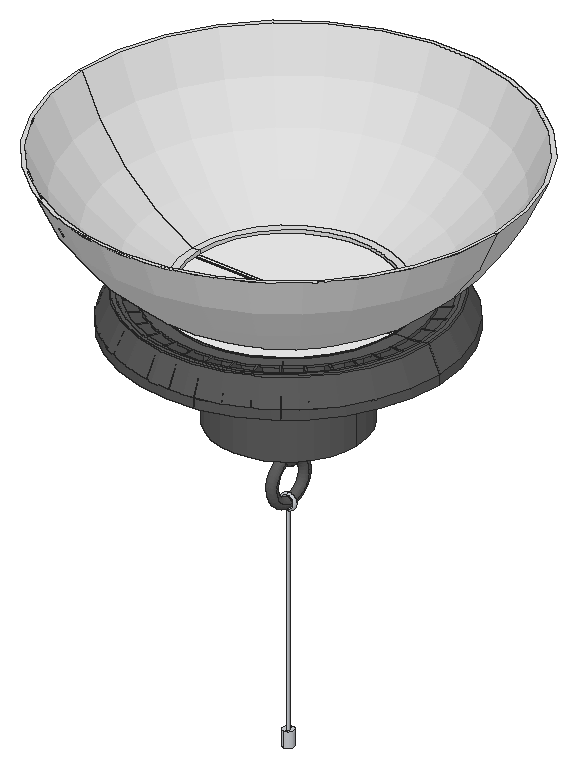
Revit family "0039351+0039356 Feilo Sylvania Lighting Fixture START HIGHBAY 6K 19KLM WIDE with ALU SHADE ALU COLOR FOR 13_19KLM", category Lighting Fixtures, host Face, Revit 2017
Family settings
  Host = Face
  Round Connector Dimension = Use Diameter
  Part Type = Normal
  OmniClass Number = 23.80.70.00
  OmniClass Title = Lighting
  Cut with Voids When Loaded = No
  Light Source = Yes
  Shared = No
  Room Calculation Point = No
Parameters (values of type "0039351+0039356 START HIGHBAY 6K 19KLM WIDE ALU SHADE ALU COLOR FOR 13/19KLM")
  WidthStraight_FEILO = if(SizeS_FEILO, 3 mm, if(SizeM_FEILO, 4 mm, 4.7 mm))  # 4 mm
  WidthRingChamfer_FEILO = if(SizeS_FEILO, 10.3 mm, if(SizeM_FEILO, 11.2 mm, 12.9 mm))  # 11.2 mm
  WidthCurved_FEILO = if(SizeS_FEILO, 17.4 mm, if(SizeM_FEILO, 16.4 mm, 26.2 mm))  # 16.4 mm
  WidthCurvedRing_FEILO = if(SizeS_FEILO, 3 mm, if(SizeM_FEILO, 4 mm, 4.7 mm))  # 4 mm
  WidthBracket_FEILO = 40 mm
  Weight = "3.4 kg"
  Wattage Comments = ""
  Wattage = 150 W
  WarrantyStartDate [instance] = "n/a"
  WarrantyGuarantorParts = "n/a"
  WarrantyDurationUnit = "n/a"
  WarrantyDurationParts = "n/a"
  WarrantyDescription = "n/a"
  built-in parameter 1150110 = 1 (stored number, unit not read)
  Voltage = 230 V
  VisibilityBracket_FEILO = no
  URL = "http://www.sylvania-lighting.com"
  TypeName = "START HIGHBAY 6K 19KLM WIDE ALU SHADE ALU COLOR FOR 13/19KLM"
  Type Image = <None>
  Type Comments = "n/a"
  built-in parameter 1114217 = 1 (stored number, unit not read)
  Tilt Angle = -90.00°
  ThicknessWall_FEILO = 1.5 mm
  ThicknessBracket_FEILO = 1.5 mm
  ThicknessBracketHalf_FEILO = ThicknessBracket_FEILO / 2  # 0.75 mm
  built-in parameter 1150109 = 1 (stored number, unit not read)
  built-in parameter 1150134 = 1
  SuspensionHeight_FEILO [instance] = 400 mm
  built-in parameter 1150113 = 1 (stored number, unit not read)
  SizeS_FEILO = no
  SizeM_FEILO = yes
  ShadeThickness_FEILO = 3 mm
  ShadeSizeSM_FEILO = or(SizeS_FEILO, SizeM_FEILO)  # yes
  ShadeRadiusOut_FEILO = 205 mm
  ShadeRadiusIn_FEILO = if(ShadeSizeSM_FEILO, 95 mm, 121 mm)  # 95 mm
  ShadeRadiusBend_FEILO = if(ShadeSizeSM_FEILO, 210 mm, 210 mm)  # 210 mm
  ShadeHeight_FEILO = if(ShadeSizeSM_FEILO, 120 mm, 151 mm)  # 120 mm
  SerialNumber [instance] = "n/a"
  Rib4_FEILO = if(SizeS_FEILO, 18.1 mm, if(SizeM_FEILO, 13.6 mm, 14.6 mm))  # 13.6 mm
  Rib3_FEILO = if(SizeS_FEILO, 15.3 mm, if(SizeM_FEILO, 17.6 mm, 20.2 mm))  # 17.6 mm
  Rib2_FEILO = if(SizeS_FEILO, 3.6 mm, if(SizeM_FEILO, 3.9 mm, 4.5 mm))  # 3.9 mm
  Rib1_FEILO = if(SizeS_FEILO, 15.1 mm, if(SizeM_FEILO, 16.5 mm, 19 mm))  # 16.5 mm
  RadiusDiffuser_FEILO = if(SizeS_FEILO, 95.2 mm, if(SizeM_FEILO, 105.3 mm, 120 mm))  # 105.3 mm
  RadiusArrayPost_FEILO = DriverRadius_FEILO - 6 mm  # 61.2 mm
  RHRadius3_FEILO = if(SizeS_FEILO, 6.6 mm, if(SizeM_FEILO, 7.4 mm, 8.6 mm))  # 7.4 mm
  RHRadius2_FEILO = if(SizeS_FEILO, 11 mm, if(SizeM_FEILO, 12 mm, 14 mm))  # 12 mm
  RHRadius1_FEILO = if(SizeS_FEILO, 13.6 mm, if(SizeM_FEILO, 14.9 mm, 17.7 mm))  # 14.9 mm
  RHHeight4_FEILO = if(SizeS_FEILO, 7.3 mm, if(SizeM_FEILO, 8 mm, 9.2 mm))  # 8 mm
  RHHeight3_FEILO = if(SizeS_FEILO, 3.6 mm, if(SizeM_FEILO, 3.7 mm, 4.6 mm))  # 3.7 mm
  RHHeight2_FEILO = if(SizeS_FEILO, 2 mm, if(SizeM_FEILO, 2.2 mm, 2.6 mm))  # 2.2 mm
  RHHeight1_FEILO = if(SizeS_FEILO, 11.8 mm, if(SizeM_FEILO, 15.3 mm, 17.4 mm))  # 15.3 mm
  Photometric Web File = "0039351+0039356.ies"
  Material_5_FEILO = Shade-Sylvania-StartHighbay-Alu
  Material_3_FEILO = LED-Sylvania-StartHighbay-Glow
  PowerFactor = 0.95
  PowerConsumption = "150 W"
  NominalLength = 296 mm
  NominalHeight = 177 mm
  NominalDepth = 296 mm
  Name = "START HIGHBAY 6K 19KLM WIDE ALU SHADE ALU COLOR FOR 13/19KLM"
  ModelReference = Name  # "START HIGHBAY 6K 19KLM WIDE ALU SHADE ALU COLOR FOR 13/19KLM"
  ModelNumber = "0039351+0039356"
  Model = Name  # "START HIGHBAY 6K 19KLM WIDE ALU SHADE ALU COLOR FOR 13/19KLM"
  Material = "aluminium alloy housing, polycarbonate diffuser"
  ManufacturerName = "Feilo Sylvania"
  Manufacturer = "Feilo Sylvania"
  LuminousEfficacy = "130 lm/W"
  built-in parameter 1150105 = 11152.5 (stored number, unit not read)
  Lumens = 19500 lm
  LuminaireType = ""
  built-in parameter 1150115 = 1 (stored number, unit not read)
  LightOutputRatio = "n/a"
  built-in parameter 1150137 = (empty or 0)
  built-in parameter 1150139 = (empty or 0)
  LampsType = Lamp  # "LED"
  LampNominalLuminous = "19500 lm"
  LampMacAdamStep = "n/a"
  LampColourTemperature = "6500 K"
  LampColourRenderingIndex = "80"
  built-in parameter 1150112 = 1 (stored number, unit not read)
  built-in parameter 1150114 = 1 (stored number, unit not read)
  Lamp = "LED"
  Keynote = "16500"
  InstallationDate [instance] = "n/a"
  InputVoltage = "220-240V~"
  InputNominalFrequency = "50/60 Hz"
  built-in parameter 1150132 = (empty or 0)
  built-in parameter 1150102 = (empty or 0)
  built-in parameter 1150107 = 6500 (stored number, unit not read)
  built-in parameter 1150138 = (empty or 0)
  IngressProtection = "IP65"
  ImpactProtectionIndex = "IK08"
  built-in parameter 1150106 = 111.52 (stored number, unit not read)
  IfcExportType = "IfcLightFixtureType"
  IfcExportAs = "IfcLightFixtureType"
  HeightRing_FEILO = if(SizeS_FEILO, 19.8 mm, if(SizeM_FEILO, 32 mm, 36.8 mm))  # 32 mm
  HeightRingChamfer_FEILO = if(SizeS_FEILO, 11.7 mm, if(SizeM_FEILO, 23.2 mm, 26.6 mm))  # 23.2 mm
  EyeThickness_FEILO = if(SizeS_FEILO, 8.4 mm, if(SizeM_FEILO, 9.2 mm, 10.5 mm))  # 9.2 mm
  EyeThicknessHalf_FEILO = EyeThickness_FEILO / 2  # 4.6 mm
  EyeInner_FEILO = if(SizeS_FEILO, 13.8 mm, if(SizeM_FEILO, 15.1 mm, 17.3 mm))  # 15.1 mm
  ExpectedLife = 50000
  Emit from Circle Diameter = RadiusDiffuser_FEILO * 2  # 210.6 mm
  Emit Shape Visible in Rendering = no
  ElectricShockClassification = "Class I"
  built-in parameter 1150104 = 12.077 (stored number, unit not read)
  DurationUnit = "hours"
  DriverVerticalStraight_FEILO = if(SizeS_FEILO, 46.5 mm, if(SizeM_FEILO, 49.7 mm, 57 mm))  # 49.7 mm
  DriverVerticalChamfer_FEILO = if(SizeS_FEILO, 7.5 mm, if(SizeM_FEILO, 8.2 mm, 9.5 mm))  # 8.2 mm
  DriverRadius_FEILO = if(SizeS_FEILO, 61.4 mm, if(SizeM_FEILO, 67.2 mm, 76.4 mm))  # 67.2 mm
  DriverRadiusTop_FEILO = if(SizeS_FEILO, 42 mm, if(SizeM_FEILO, 45.3 mm, 52.4 mm))  # 45.3 mm
  DriverBottom_FEILO = if(SizeS_FEILO, 56 mm, if(SizeM_FEILO, 64.5 mm, 74 mm))  # 64.5 mm
  DocumentationLiterature = "http://www.sylvania-lighting.com/product/en-int/products/0039351"
  DimmingControlOptions = "n/a"
  Material_2_FEILO = Diffuser-Sylvania-StartHighbay-Transparent
  Radius_FEILO = if(SizeS_FEILO, 135 mm, if(SizeM_FEILO, 148 mm, 169.5 mm))  # 148 mm
  Dimming Lamp Color Temperature Shift = <None>
  DiameterWire_FEILO = 3 mm
  DiameterWireSupport_FEILO = 10 mm
  Description = "START HIGHBAY, includes 1 m cables, black aluminium housing, 19500LM, 150W, 130lm/W, 6500K, Driver current: 2140mA, CR80, 60° beam angle, 1-10V dimmable,  IP65, IK08, 50,000 hrs (L70B50), (LxWxH) 296x296x177mm"
  Default Elevation = 1219.2 mm
  CreatedOn = "2/28/2018"
  CreatedBy = ""
  Cost = 0
  Color Filter = 16777215
  built-in parameter 1114216 [instance] = (empty or 0)
  ClassificationValue = "EF_70_80"
  ClassificationName = "Uniclass2015"
  Material_1_FEILO = Body-Sylvania-StartHighbay-Black
  BarCode [instance] = "n/a"
  built-in parameter 1114218 = 1 (stored number, unit not read)
  built-in parameter 1150133 = 10 (stored number, unit not read)
  AssetType = "Fixed"
  AssetIdentifier [instance] = "n/a"
  Assembly Code = "D5020200"
  Apparent Load = 150 VA
  Material_4_FEILO = Shade-Sylvania-StartHighbay-Alu
Reference planes
  plane 1 "Center (Front/Back)": y = 0
  plane 2: z = 0
  plane 3 "Center (Left/Right)": x = 0
  plane 4: z = 400
  plane 5: x = -148
  plane 6: x = -136.8
  plane 7: z = 376.8
  plane 8: z = 368
  plane 9: x = -132.8
  plane 10: z = 397.375
  plane 11: x = -116.4
  plane 12: x = -105.3
  plane 13: x = -128.8
  plane 14: z = 398.375
  plane 15: z = 396.375
  plane 16: x = -102.3
  plane 17: z = 395.375
  plane 18: x = -146.5
  plane 19: x = -131.5
  plane 20: z = 364.1
  plane 21: x = -113.9
  plane 22: z = 350.5
  plane 23: x = -20
  plane 24: z = 335.5
  plane 25: x = -67.2
  plane 26: z = 285.8
  plane 27: x = -45.3
  plane 28: z = 277.6
  plane 29: x = -14.9
  plane 30: z = 262.3
  plane 31: z = 260.1
  plane 32: x = -12
  plane 33: z = 256.4
  plane 34: z = 248.4
  plane 35: x = -7.4
  plane 36: z = 233.3
  plane 37: z = 218.2
  plane 38: x = 4.6
  plane 39: x = -4.6
  plane 40: z = 209
  plane 41: z = 213.6
  plane 42: x = -141.65
  plane 43: x = -145.5
  plane 44: z = 366.5
  plane 45: x = -135.3
  plane 46: z = 310.65
  plane 47: y = -20
  plane 48: y = 20
  plane 49: x = 148
  plane 50: x = 136.8
  plane 51: x = 146.5
  plane 52: x = 141.65
  plane 53: x = 145.5
  plane 54: x = 135.3
  plane 55: z = 221.2
  plane 56: y = 1.5
  plane 57: y = -1.5
  plane 58: z = 219.7
  plane 59: z = 207.5
  plane 60: z = 206
  plane 61: y = -5
  plane 62: y = 5
  plane 63: z = 14
  plane 64: x = -205
  plane 65: z = 520
  plane 66: x = -95
  plane 67: x = -87
  plane 68: x = -202
  plane 69: z = 403
Forms (mm)
  Revolve 1, solid, material "Body-Sylvania-StartHighbay-Black" <- "Material_1_FEILO", detail levels medium+fine
    sketch origin (0, 0, 0) x (1, 0, 0) y (0, 0, 1)
      loop
        line (-148, 368) -> (-146.5, 368) -> (-146.5, 376.457) -> (-136.402, 397.375) -> (-128.8, 397.375) -> (-128.8, 398.859)
        arc (-128.8, 398.859) -> (-130.811, 399.39) -> (-132.8, 400) r 52.543
        line (-132.8, 400) -> (-136.341, 400)
        arc (-136.341, 400) -> (-136.831, 399.825) -> (-137.099, 399.38) r 0.774
        line (-137.099, 399.38) -> (-148, 376.8) -> (-148, 368)
      axis (0, 400) -> (0, 368)
    angle from 360 to 0
  Revolve 2, solid, material "Body-Sylvania-StartHighbay-Black" <- "Material_1_FEILO", detail levels medium+fine
    sketch origin (0, 0, 0) x (1, 0, 0) y (0, 0, 1)
      loop
        line (-116.4, 395.375) -> (-105.3, 395.375) -> (-105.3, 376.8) -> (0, 376.8) -> (0, 395.375) -> (-102.3, 395.375) -> (-102.3, 396.375) -> (-105.3, 396.375) -> (-105.3, 397.375) -> (-116.4, 397.375) -> (-116.4, 395.375)
      axis (0, 397.375) -> (0, 376.8)
    angle from 360 to 0
  Revolve 3, solid, material "Diffuser-Sylvania-StartHighbay-Transparent" <- "Material_2_FEILO", detail levels medium+fine
    sketch origin (0, 0, 0) x (1, 0, 0) y (0, 0, 1)
      loop
        line (-105.3, 396.375) -> (0, 396.375) -> (0, 398.375) -> (-105.3, 398.375) -> (-105.3, 396.375)
      axis (0, 398.375) -> (0, 396.375)
    angle from 360 to 0
  Revolve 4, solid, material "Body-Sylvania-StartHighbay-Black" <- "Material_1_FEILO"
    sketch origin (0, 0, 0) x (1, 0, 0) y (0, 0, 1)
      loop
        line (-67.2, 350.5) -> (-67.2, 285.8) -> (-45.3, 277.6) -> (-14.9, 277.6) -> (-14.9, 262.3) -> (-12, 260.1) -> (-12, 256.4) -> (-7.837, 249.126)
        arc (-7.837, 249.126) -> (-7.29, 248.594) -> (-6.553, 248.4) r 1.5
        line (-6.553, 248.4) -> (0, 248.4) -> (0, 350.5) -> (-67.2, 350.5)
      axis (0, 350.5) -> (0, 248.4)
    angle from 360 to 0
  Revolve 5, solid, material "Body-Sylvania-StartHighbay-Black" <- "Material_1_FEILO"
    sketch origin (0, 0, 0) x (1, 0, 0) y (0, 0, 1)
      loop
        circle (0, 213.6) r 4.6
      axis (4.6, 233.3) -> (-4.6, 233.3)
    angle from 360 to 0
  Extrusion 6, solid, material "Body-Sylvania-StartHighbay-Black" <- "Material_1_FEILO", visible <- "VisibilityBracket_FEILO"
    sketch origin (0, 0, 0) x (1, 0, 0) y (0, 0, 1)
      loop
        line (-145.5, 368) -> (-145.5, 366.5) -> (-137.55, 366.5)
        arc (-137.55, 366.5) -> (-137.02, 366.28) -> (-136.8, 365.75) r 0.75
        line (-136.8, 365.75) -> (-136.8, 310.65) -> (-135.3, 310.65) -> (-135.3, 366.5)
        arc (-135.3, 366.5) -> (-135.739, 367.561) -> (-136.8, 368) r 1.5
        line (-136.8, 368) -> (-145.5, 368)
      loop
        line (145.5, 368) -> (136.8, 368)
        arc (136.8, 368) -> (135.739, 367.561) -> (135.3, 366.5) r 1.5
        line (135.3, 366.5) -> (135.3, 310.65) -> (136.8, 310.65) -> (136.8, 365.75)
        arc (136.8, 365.75) -> (137.02, 366.28) -> (137.55, 366.5) r 0.75
        line (137.55, 366.5) -> (145.5, 366.5) -> (145.5, 368)
    from -20 to 20
  Extrusion 7, void
    sketch origin (0, 0, 0) x (0, 1, 0) y (0, 0, 1)
      loop
        arc (-10, 310.65) -> (-17.071, 313.579) -> (-20, 320.65) r 10
        line (-20, 320.65) -> (-25, 320.65) -> (-25, 305.65) -> (-10, 305.65) -> (-10, 310.65)
      loop
        line (10, 310.65) -> (10, 305.65) -> (25, 305.65) -> (25, 320.65) -> (20, 320.65)
        arc (20, 320.65) -> (17.071, 313.579) -> (10, 310.65) r 10
    from -136.8 to 136.8
  Revolve 8, solid, material "Body-Sylvania-StartHighbay-Black" <- "Material_1_FEILO", detail levels coarse
    sketch origin (0, 0, 0) x (1, 0, 0) y (0, 0, 1)
      loop
        line (0, 400) -> (-136.8, 400) -> (-148, 376.8) -> (-148, 368) -> (-131.5, 368) -> (-131.5, 364.1) -> (-113.9, 350.5) -> (0, 350.5) -> (0, 400)
      axis (0, 400) -> (0, 350.5)
    angle from 360 to 0
  Revolve 9, solid
    sketch origin (0, 0, 0) x (0, 1, 0) y (0, 0, 1)
      loop
        circle (0, 219.7) r 1.5
      axis (1.5, 213.6) -> (-1.5, 213.6)
    angle from 360 to 0
  Revolve 10, solid
    sketch origin (0, 0, 0) x (0, 1, 0) y (0, 0, 1)
      loop
        line (0, 0) -> (0, 207.5) -> (-1.5, 207.5) -> (-1.5, 14) -> (-5, 14) -> (-5, 0) -> (0, 0)
      axis (0, 0) -> (0, 207.5)
    angle from 360 to 0
  Revolve 11, solid, material "Shade-Sylvania-StartHighbay-Alu" <- "Material_4_FEILO"
    sketch origin (0, 0, 0) x (1, 0, 0) y (0, 0, 1)
      loop
        line (-95, 400) -> (-87, 400) -> (-87, 403) -> (-94.341, 403)
        arc (-94.341, 403) -> (-159.747, 450.78) -> (-201.81, 520) r 207
        line (-201.81, 520) -> (-205, 520)
        arc (-205, 520) -> (-162.101, 448.908) -> (-95, 400) r 210
      axis (0, 520) -> (0, 400)
    angle from 360 to 0
Cuts and joins
  Extrusion 7 cuts Extrusion 6
Lines and regions (mm)
  reference lines
    curve 1: line (-148, 0, 376.8) -> (-136.8, 0, 400)
    curve 2: line (-116.4, 0, 397.375) -> (0, 0, 397.375)
    curve 3: arc (-116.4, 0, 397.375) -> (-124.704, 0, 398.035) -> (-132.8, 0, 400) r 52.543
    curve 4: line (-136.8, 0, 400) -> (-132.8, 0, 400)
    curve 5: line (-136.402, 0, 397.375) -> (-146.5, 0, 376.457)
    curve 6: line (-131.5, 0, 364.1) -> (-113.9, 0, 350.5)
    curve 7: line (-12, 0, 256.4) -> (-7.4, 0, 248.4)
    curve 8: circle (0, 0, 213.6) r 4.6 normal (0, -1, 0)
    curve 9: arc (-95, 0, 400) -> (-162.101, 0, 448.908) -> (-205, 0, 520) r 210
Dimensions and locks
  "Radius_FEILO": plane 3 "Center (Left/Right)" to plane 5
  "WidthRingChamfer_FEILO": plane 6 to plane 5
  "WidthStraight_FEILO": plane 9 to plane 6
  "WidthCurvedRing_FEILO": plane 13 to plane 9
  locked: plane 10 to plane 15 at 1
  locked: plane 14 to plane 10 at 1
  locked: plane 4 to plane 10 at 2.625
  locked: plane 15 to plane 17 at 1
  "ThicknessWall_FEILO": plane 18 to plane 5
  "ThicknessWall_FEILO": curve 5 to curve 1
  "HeightRingChamfer_FEILO": plane 4 to plane 7
  "HeightRing_FEILO": plane 4 to plane 8
  "RadiusDiffuser_FEILO": plane 3 "Center (Left/Right)" to plane 12
  locked: plane 16 to plane 12 at 3
  "WidthCurved_FEILO": plane 11 to plane 9
  "SuspensionHeight_FEILO": plane 4 to plane 2
  "Rib1_FEILO": plane 19 to plane 5
  "Rib2_FEILO": plane 8 to plane 20
  "Rib3_FEILO": plane 21 to plane 19
  "Rib4_FEILO": plane 20 to plane 22
  locked: plane 3 "Center (Left/Right)" to plane 23 at 20
  "DriverBottom_FEILO": plane 4 to plane 24
  "DriverRadius_FEILO": plane 3 "Center (Left/Right)" to plane 25
  "DriverVerticalStraight_FEILO": plane 24 to plane 26
  "DriverRadiusTop_FEILO": plane 3 "Center (Left/Right)" to plane 27
  "DriverVerticalChamfer_FEILO": plane 26 to plane 28
  "RHRadius1_FEILO": plane 3 "Center (Left/Right)" to plane 29
  "RHHeight2_FEILO": plane 30 to plane 31
  "RHRadius2_FEILO": plane 3 "Center (Left/Right)" to plane 32
  "RHHeight3_FEILO": plane 31 to plane 33
  "RHHeight4_FEILO": plane 33 to plane 34
  "RHRadius3_FEILO": plane 3 "Center (Left/Right)" to plane 35
  "RHHeight1_FEILO": plane 28 to plane 30
  "EyeInner_FEILO": plane 34 to plane 36
  "EyeInner_FEILO": plane 36 to plane 37
  equal spacing: plane 38, plane 3 "Center (Left/Right)", plane 39
  "EyeThickness_FEILO": plane 38 to plane 39
  "EyeThickness_FEILO": plane 37 to plane 40
  equal spacing: plane 37, plane 41, plane 40
  equal spacing: plane 6, plane 42, plane 18
  "ThicknessBracket_FEILO": plane 45 to plane 6
  "ThicknessBracket_FEILO": plane 8 to plane 44
  locked: plane 43 to plane 18 at 1
  equal spacing: plane 24, plane 46, plane 26
  equal spacing: plane 47, plane 1 "Center (Front/Back)", plane 48
  "WidthBracket_FEILO": plane 47 to plane 48
  "WidthRingChamfer_FEILO": plane 50 to plane 49
  "ThicknessWall_FEILO": plane 51 to plane 49
  equal spacing: plane 50, plane 52, plane 51
  "ThicknessBracket_FEILO": plane 54 to plane 50
  locked: plane 53 to plane 51 at 1
  "Radius_FEILO": plane 49 to plane 3 "Center (Left/Right)"
  equal spacing: plane 57, imposter light, plane 56
  "DiameterWire_FEILO": plane 57 to plane 56
  "DiameterWire_FEILO": plane 37 to plane 55
  equal spacing: plane 37, plane 58, plane 55
  "DiameterWire_FEILO": plane 60 to plane 40
  equal spacing: plane 60, plane 59, plane 40
  equal spacing: plane 61, plane 1 "Center (Front/Back)", plane 62
  "DiameterWireSupport_FEILO": plane 61 to plane 62
  locked: plane 63 to plane 2 at 14
  "ShadeRadiusOut_FEILO": plane 3 "Center (Left/Right)" to plane 64
  "ShadeHeight_FEILO": plane 65 to plane 4
  "ShadeRadiusIn_FEILO": plane 3 "Center (Left/Right)" to plane 66
  locked: plane 67 to plane 66 at 8
  "ShadeThickness_FEILO": plane 69 to plane 4
  "ShadeThickness_FEILO": plane 68 to plane 64
  "EyeThicknessHalf_FEILO": radius of curve 8
  "ThicknessBracket_FEILO": radius of Extrusion 6 sketch curve  (x2)
  "ThicknessBracketHalf_FEILO": radius of Extrusion 6 sketch curve  (x2)
  "DiameterWire_FEILO": diameter of Revolve 9 sketch curve
  "ShadeRadiusBend_FEILO": radius of curve 9
  aligned and locked: plane 2 to host face
  aligned and locked: level to host face
  aligned and locked: plane 5 to curve 1
  aligned and locked: plane 6 to curve 1
  aligned and locked: plane 7 to curve 1
  aligned and locked: plane 10 to curve 2
  aligned and locked: plane 9 to curve 3
  aligned and locked: plane 4 to curve 3
  aligned and locked: plane 11 to curve 3
  aligned and locked: plane 4 to curve 4
  aligned and locked: plane 18 to curve 5
  aligned and locked: plane 10 to curve 5
  aligned and locked: Revolve 1 sketch curve to plane 3 "Center (Left/Right)"
  aligned and locked: Revolve 1 sketch curve to curve 3
  aligned and locked: Revolve 1 sketch curve to curve 1
  aligned and locked: plane 4 to Revolve 1 sketch curve
  aligned and locked: plane 9 to Revolve 1 sketch curve
  aligned and locked: Revolve 1 sketch curve to plane 13
  aligned and locked: Revolve 1 sketch curve to plane 10
  aligned and locked: plane 13 to Revolve 1 sketch curve
  aligned and locked: plane 10 to Revolve 1 sketch curve
  aligned and locked: Revolve 1 sketch curve to plane 18
  aligned and locked: Revolve 1 sketch curve to plane 8
  aligned and locked: plane 5 to Revolve 1 sketch curve  (x2)
  aligned and locked: Revolve 2 sketch curve to plane 3 "Center (Left/Right)"
  aligned and locked: plane 11 to Revolve 2 sketch curve
  aligned and locked: Revolve 2 sketch curve to curve 2
  aligned and locked: plane 15 to Revolve 2 sketch curve
  aligned and locked: Revolve 2 sketch curve to plane 16
  aligned and locked: plane 17 to Revolve 2 sketch curve  (x2)
  aligned and locked: Revolve 2 sketch curve to plane 12
  aligned and locked: plane 7 to Revolve 2 sketch curve
  aligned and locked: Revolve 3 sketch curve to plane 3 "Center (Left/Right)"
  aligned and locked: Revolve 3 sketch curve to plane 14
  aligned and locked: plane 3 "Center (Left/Right)" to Revolve 3 sketch curve
  aligned and locked: Revolve 3 sketch curve to plane 12
  aligned and locked: plane 15 to Revolve 3 sketch curve
  aligned and locked: Revolve 1 sketch curve to curve 5
  aligned and locked: plane 22 to curve 6
  aligned and locked: plane 21 to curve 6
  aligned and locked: plane 20 to curve 6
  aligned and locked: plane 19 to curve 6
  aligned and locked: plane 33 to curve 7
  aligned and locked: plane 32 to curve 7
  aligned and locked: plane 35 to curve 7
  aligned and locked: plane 34 to curve 7
  aligned and locked: Revolve 4 sketch curve to plane 3 "Center (Left/Right)"
  aligned and locked: Revolve 4 sketch curve to plane 25
  aligned and locked: plane 27 to Revolve 4 sketch curve
  aligned and locked: plane 28 to Revolve 4 sketch curve
  aligned and locked: plane 30 to Revolve 4 sketch curve
  aligned and locked: Revolve 4 sketch curve to plane 29
  aligned and locked: plane 31 to Revolve 4 sketch curve
  aligned and locked: Revolve 4 sketch curve to curve 7
  aligned and locked: Revolve 4 sketch curve to plane 32
  aligned and locked: plane 34 to Revolve 4 sketch curve
  aligned and locked: plane 3 "Center (Left/Right)" to Revolve 4 sketch curve
  aligned and locked: plane 3 "Center (Left/Right)" to curve 8
  aligned and locked: plane 41 to curve 8
  aligned and locked: Revolve 5 sketch curve to plane 36
  aligned and locked: Revolve 5 sketch curve to curve 8
  aligned and locked: plane 43 to Extrusion 6 sketch curve  (x2)
  aligned and locked: plane 8 to Extrusion 6 sketch curve  (x3)
  aligned and locked: Extrusion 6 sketch curve to plane 45
  aligned and locked: Extrusion 6 sketch curve to plane 46  (x2)
  aligned and locked: plane 6 to Extrusion 6 sketch curve
  aligned and locked: Extrusion 6 sketch curve to plane 44  (x2)
  aligned and locked: Extrusion 6 to plane 48
  aligned and locked: plane 47 to Extrusion 6
  aligned and locked: plane 53 to Extrusion 6 sketch curve
  aligned and locked: plane 50 to Extrusion 6 sketch curve
  aligned and locked: Extrusion 6 sketch curve to plane 54
  aligned and locked: Extrusion 7 sketch curve to Extrusion 7 sketch curve
  aligned and locked: Extrusion 7 to plane 6
  aligned and locked: Extrusion 7 to Extrusion 6
  aligned and locked: Revolve 4 sketch curve to plane 22
  aligned and locked: plane 23 to nested 1
  aligned and locked: plane 1 "Center (Front/Back)" to nested 1
  aligned and locked: Revolve 8 sketch curve to plane 3 "Center (Left/Right)"
  aligned and locked: Revolve 8 sketch curve to plane 4
  aligned and locked: plane 6 to Revolve 8 sketch curve
  aligned and locked: plane 4 to Revolve 8 sketch curve
  aligned and locked: plane 7 to Revolve 8 sketch curve
  aligned and locked: Revolve 8 sketch curve to plane 5
  aligned and locked: plane 8 to Revolve 8 sketch curve  (x2)
  aligned and locked: Revolve 8 sketch curve to plane 19
  aligned and locked: plane 20 to Revolve 8 sketch curve
  aligned and locked: plane 19 to Revolve 8 sketch curve
  aligned and locked: plane 21 to Revolve 8 sketch curve
  aligned and locked: plane 22 to Revolve 8 sketch curve  (x2)
  aligned and locked: Revolve 8 sketch curve to Revolve 8 sketch curve
  aligned and locked: imposter light to plane 4
  aligned and locked: plane 3 "Center (Left/Right)" to imposter light
  aligned and locked: imposter light to plane 1 "Center (Front/Back)"
  aligned and locked: Revolve 9 sketch curve to plane 41
  aligned and locked: Revolve 10 sketch curve to plane 1 "Center (Front/Back)"
  aligned and locked: plane 1 "Center (Front/Back)" to Revolve 10 sketch curve  (x2)
  aligned and locked: host face to Revolve 10 sketch curve
  aligned and locked: plane 63 to Revolve 10 sketch curve
  aligned and locked: Revolve 10 sketch curve to plane 61
  aligned and locked: Revolve 10 sketch curve to plane 57
  aligned and locked: plane 59 to Revolve 10 sketch curve
  aligned and locked: plane 64 to curve 9
  aligned and locked: plane 65 to curve 9
  aligned and locked: plane 66 to curve 9
  aligned and locked: plane 4 to curve 9
  aligned and locked: Revolve 11 sketch curve to curve 9
  aligned and locked: plane 67 to Revolve 11 sketch curve
  aligned and locked: plane 66 to Revolve 11 sketch curve
  aligned and locked: plane 65 to Revolve 11 sketch curve  (x2)
  aligned and locked: Revolve 11 sketch curve to plane 67
  aligned and locked: plane 69 to Revolve 11 sketch curve
Automatic sketch dimensions
  host sketch curve to host sketch curve = 2438.4 mm  (x2)
  Revolve 1 sketch curve to plane 6 = 0.299 mm
  plane 6 to Revolve 1 sketch curve = 0.459 mm
  Revolve 1 sketch curve to level = 609.6 mm
  Revolve 1 sketch curve to Revolve 1 sketch curve = 2312.223 mm
  Revolve 2 sketch curve to plane 12 = 0 mm
  Revolve 2 sketch curve to plane 3 "Center (Left/Right)" = 0 mm
  Revolve 2 sketch curve to level = 609.6 mm
  Revolve 2 sketch curve to plane 4 = 2339.058 mm
  Revolve 3 sketch curve to level = 609.6 mm
  Revolve 3 sketch curve to plane 4 = 2339.058 mm
  Revolve 5 sketch curve to plane 5 = 1080 mm
  plane 38 to Revolve 5 sketch curve = 1219.2 mm
  Extrusion 7 sketch curve to plane 47 = 0 mm
  plane 46 to Extrusion 7 sketch curve = 0 mm  (x2)
  Extrusion 7 sketch curve to plane 48 = 0 mm
  plane 47 to Extrusion 7 sketch curve = 5 mm
  plane 1 "Center (Front/Back)" to Extrusion 7 sketch curve = 10 mm
  Extrusion 7 sketch curve to Extrusion 7 sketch curve = 10 mm
  plane 46 to Extrusion 7 sketch curve = 5 mm
  Extrusion 7 sketch curve to Extrusion 7 sketch curve = 5 mm
  Extrusion 7 sketch curve to plane 48 = 5 mm
  Revolve 4 sketch curve to plane 26 = 0 mm
  Revolve 4 sketch curve to plane 35 = 0.437 mm
  plane 35 to Revolve 4 sketch curve = 0.847 mm
  Revolve 4 sketch curve to plane 34 = 0.726 mm
  plane 40 to Revolve 4 sketch curve = 590.2 mm
  Revolve 4 sketch curve to plane 4 = 2339.058 mm
  Revolve 8 sketch curve to level = 609.6 mm
  Revolve 8 sketch curve to Revolve 8 sketch curve = 2386.058 mm
  Revolve 9 sketch curve to plane 1 "Center (Front/Back)" = 0 mm
  plane 58 to Revolve 9 sketch curve = 0 mm
  plane 47 to Revolve 9 sketch curve = 2534.941 mm
  Revolve 9 sketch curve to plane 48 = 2077.409 mm
  Revolve 10 sketch curve to Revolve 10 sketch curve = 609.6 mm
  Revolve 10 sketch curve to plane 4 = 2123.807 mm
  curve 2 to plane 3 "Center (Left/Right)" = 0 mm
  Revolve 11 sketch curve to Revolve 11 sketch curve = 0 mm  (x2)
  Revolve 11 sketch curve to plane 3 "Center (Left/Right)" = 0 mm
  plane 66 to Revolve 11 sketch curve = 0.659 mm
  Revolve 11 sketch curve to level = 609.6 mm
  Revolve 11 sketch curve to Revolve 11 sketch curve = 2068.248 mm
Nested families
  nested 1: "Start Highbay Rib" at (0, 0, 397.375), type "Type Name", detail levels medium+fine
    with SuspensionHeight_FEILO 2.6 mm
  nested 2: "Start Highbay Rib" at (0, 0, 397.375) x (0.9877, 0.1564, 0) z (0, 0, 1), type "Type Name", detail levels medium+fine
    with SuspensionHeight_FEILO 2.6 mm
  nested 3: "Start Highbay Rib" at (0, 0, 397.375) x (0.9511, 0.309, 0) z (0, 0, 1), type "Type Name", detail levels medium+fine
    with SuspensionHeight_FEILO 2.6 mm
  nested 4: "Start Highbay Rib" at (0, 0, 397.375) x (0.891, 0.454, 0) z (0, 0, 1), type "Type Name", detail levels medium+fine
    with SuspensionHeight_FEILO 2.6 mm
  nested 5: "Start Highbay Rib" at (0, 0, 397.375) x (0.809, 0.5878, 0) z (0, 0, 1), type "Type Name", detail levels medium+fine
    with SuspensionHeight_FEILO 2.6 mm
  nested 6: "Start Highbay Rib" at (0, 0, 397.375) x (0.7071, 0.7071, 0) z (0, 0, 1), type "Type Name", detail levels medium+fine
    with SuspensionHeight_FEILO 2.6 mm
  nested 7: "Start Highbay Rib" at (0, 0, 397.375) x (0.5878, 0.809, 0) z (0, 0, 1), type "Type Name", detail levels medium+fine
    with SuspensionHeight_FEILO 2.6 mm
  nested 8: "Start Highbay Rib" at (0, 0, 397.375) x (0.454, 0.891, 0) z (0, 0, 1), type "Type Name", detail levels medium+fine
    with SuspensionHeight_FEILO 2.6 mm
  nested 9: "Start Highbay Rib" at (0, 0, 397.375) x (0.309, 0.9511, 0) z (0, 0, 1), type "Type Name", detail levels medium+fine
    with SuspensionHeight_FEILO 2.6 mm
  nested 10: "Start Highbay Rib" at (0, 0, 397.375) x (0.1564, 0.9877, 0) z (0, 0, 1), type "Type Name", detail levels medium+fine
    with SuspensionHeight_FEILO 2.6 mm
  nested 11: "Start Highbay Rib" at (0, 0, 397.375) x (0, 1, 0) z (0, 0, 1), type "Type Name", detail levels medium+fine
    with SuspensionHeight_FEILO 2.6 mm
  nested 12: "Start Highbay Rib" at (0, 0, 397.375) x (-0.1564, 0.9877, 0) z (0, 0, 1), type "Type Name", detail levels medium+fine
    with SuspensionHeight_FEILO 2.6 mm
  nested 13: "Start Highbay Rib" at (0, 0, 397.375) x (-0.309, 0.9511, 0) z (0, 0, 1), type "Type Name", detail levels medium+fine
    with SuspensionHeight_FEILO 2.6 mm
  nested 14: "Start Highbay Rib" at (0, 0, 397.375) x (-0.454, 0.891, 0) z (0, 0, 1), type "Type Name", detail levels medium+fine
    with SuspensionHeight_FEILO 2.6 mm
  nested 15: "Start Highbay Rib" at (0, 0, 397.375) x (-0.5878, 0.809, 0) z (0, 0, 1), type "Type Name", detail levels medium+fine
    with SuspensionHeight_FEILO 2.6 mm
  nested 16: "Start Highbay Rib" at (0, 0, 397.375) x (-0.7071, 0.7071, 0) z (0, 0, 1), type "Type Name", detail levels medium+fine
    with SuspensionHeight_FEILO 2.6 mm
  nested 17: "Start Highbay Rib" at (0, 0, 397.375) x (-0.809, 0.5878, 0) z (0, 0, 1), type "Type Name", detail levels medium+fine
    with SuspensionHeight_FEILO 2.6 mm
  nested 18: "Start Highbay Rib" at (0, 0, 397.375) x (-0.891, 0.454, 0) z (0, 0, 1), type "Type Name", detail levels medium+fine
    with SuspensionHeight_FEILO 2.6 mm
  nested 19: "Start Highbay Rib" at (0, 0, 397.375) x (-0.9511, 0.309, 0) z (0, 0, 1), type "Type Name", detail levels medium+fine
    with SuspensionHeight_FEILO 2.6 mm
  nested 20: "Start Highbay Rib" at (0, 0, 397.375) x (-0.9877, 0.1564, 0) z (0, 0, 1), type "Type Name", detail levels medium+fine
    with SuspensionHeight_FEILO 2.6 mm
  nested 21: "Start Highbay Rib" at (0, 0, 397.375) x (-1, 0, 0) z (0, 0, 1), type "Type Name", detail levels medium+fine
    with SuspensionHeight_FEILO 2.6 mm
  nested 22: "Start Highbay Rib" at (0, 0, 397.375) x (-0.9877, -0.1564, 0) z (0, 0, 1), type "Type Name", detail levels medium+fine
    with SuspensionHeight_FEILO 2.6 mm
  nested 23: "Start Highbay Rib" at (0, 0, 397.375) x (-0.9511, -0.309, 0) z (0, 0, 1), type "Type Name", detail levels medium+fine
    with SuspensionHeight_FEILO 2.6 mm
  nested 24: "Start Highbay Rib" at (0, 0, 397.375) x (-0.891, -0.454, 0) z (0, 0, 1), type "Type Name", detail levels medium+fine
    with SuspensionHeight_FEILO 2.6 mm
  nested 25: "Start Highbay Rib" at (0, 0, 397.375) x (-0.809, -0.5878, 0) z (0, 0, 1), type "Type Name", detail levels medium+fine
    with SuspensionHeight_FEILO 2.6 mm
  nested 26: "Start Highbay Rib" at (0, 0, 397.375) x (-0.7071, -0.7071, 0) z (0, 0, 1), type "Type Name", detail levels medium+fine
    with SuspensionHeight_FEILO 2.6 mm
  nested 27: "Start Highbay Rib" at (0, 0, 397.375) x (-0.5878, -0.809, 0) z (0, 0, 1), type "Type Name", detail levels medium+fine
    with SuspensionHeight_FEILO 2.6 mm
  nested 28: "Start Highbay Rib" at (0, 0, 397.375) x (-0.454, -0.891, 0) z (0, 0, 1), type "Type Name", detail levels medium+fine
    with SuspensionHeight_FEILO 2.6 mm
  nested 29: "Start Highbay Rib" at (0, 0, 397.375) x (-0.309, -0.9511, 0) z (0, 0, 1), type "Type Name", detail levels medium+fine
    with SuspensionHeight_FEILO 2.6 mm
  nested 30: "Start Highbay Rib" at (0, 0, 397.375) x (-0.1564, -0.9877, 0) z (0, 0, 1), type "Type Name", detail levels medium+fine
    with SuspensionHeight_FEILO 2.6 mm
  nested 31: "Start Highbay Rib" at (0, 0, 397.375) x (0, -1, 0) z (0, 0, 1), type "Type Name", detail levels medium+fine
    with SuspensionHeight_FEILO 2.6 mm
  nested 32: "Start Highbay Rib" at (0, 0, 397.375) x (0.1564, -0.9877, 0) z (0, 0, 1), type "Type Name", detail levels medium+fine
    with SuspensionHeight_FEILO 2.6 mm
  nested 33: "Start Highbay Rib" at (0, 0, 397.375) x (0.309, -0.9511, 0) z (0, 0, 1), type "Type Name", detail levels medium+fine
    with SuspensionHeight_FEILO 2.6 mm
  nested 34: "Start Highbay Rib" at (0, 0, 397.375) x (0.454, -0.891, 0) z (0, 0, 1), type "Type Name", detail levels medium+fine
    with SuspensionHeight_FEILO 2.6 mm
  nested 35: "Start Highbay Rib" at (0, 0, 397.375) x (0.5878, -0.809, 0) z (0, 0, 1), type "Type Name", detail levels medium+fine
    with SuspensionHeight_FEILO 2.6 mm
  nested 36: "Start Highbay Rib" at (0, 0, 397.375) x (0.7071, -0.7071, 0) z (0, 0, 1), type "Type Name", detail levels medium+fine
    with SuspensionHeight_FEILO 2.6 mm
  nested 37: "Start Highbay Rib" at (0, 0, 397.375) x (0.809, -0.5878, 0) z (0, 0, 1), type "Type Name", detail levels medium+fine
    with SuspensionHeight_FEILO 2.6 mm
  nested 38: "Start Highbay Rib" at (0, 0, 397.375) x (0.891, -0.454, 0) z (0, 0, 1), type "Type Name", detail levels medium+fine
    with SuspensionHeight_FEILO 2.6 mm
  nested 39: "Start Highbay Rib" at (0, 0, 397.375) x (0.9511, -0.309, 0) z (0, 0, 1), type "Type Name", detail levels medium+fine
    with SuspensionHeight_FEILO 2.6 mm
  nested 40: "Start Highbay Rib" at (0, 0, 397.375) x (0.9877, -0.1564, 0) z (0, 0, 1), type "Type Name", detail levels medium+fine
    with SuspensionHeight_FEILO 2.6 mm
Connectors
  electrical at (0, 0, 0), driven by "Apparent Load", driven by "PowerFactor", driven by "Voltage"
    settings: index 1, voltage 230 V, apparent load 150 VA, apparent load phase1 0 VA, apparent load phase2 0 VA, apparent load phase3 0 VA, power factor 0.95, load classification "Lighting", number of poles 1, system type 30, power factor state 1, is connector primary yes, connector utility no, sub classification motor no, connector description ""
Definition of nested family "Start Highbay Rib"
  Parameters (values of type "Type Name")
    WidthStraight_FEILO = if(SizeS_FEILO, 3 mm, if(SizeM_FEILO, 4 mm, 4.7 mm))  # 3 mm
    WidthRingChamfer_FEILO = if(SizeS_FEILO, 10.3 mm, if(SizeM_FEILO, 11.2 mm, 12.9 mm))  # 10.3 mm
    WidthCurved_FEILO = if(SizeS_FEILO, 17.4 mm, if(SizeM_FEILO, 16.4 mm, 26.2 mm))  # 17.4 mm
    WidthCurvedRing_FEILO = if(SizeS_FEILO, 3 mm, if(SizeM_FEILO, 4 mm, 4.7 mm))  # 3 mm
    WidthBracket_FEILO = 40 mm
    URL = "http://www.feilosylvania.com"
    Type Image = (empty or 0)
    Type Comments = "n/a"
    ThicknessWall_FEILO = 1.5 mm
    ThicknessBracket_FEILO = 1.5 mm
    ThicknessBracketHalf_FEILO = ThicknessBracket_FEILO / 2  # 0.75 mm
    SuspensionHeight_FEILO [instance] = 2.6 mm
    SizeS_FEILO = yes
    SizeM_FEILO = no
    Rib4_FEILO = if(SizeS_FEILO, 18.1 mm, if(SizeM_FEILO, 13.6 mm, 14.6 mm))  # 18.1 mm
    Rib3_FEILO = if(SizeS_FEILO, 15.3 mm, if(SizeM_FEILO, 17.6 mm, 20.2 mm))  # 15.3 mm
    Rib2_FEILO = if(SizeS_FEILO, 3.6 mm, if(SizeM_FEILO, 3.9 mm, 4.5 mm))  # 3.6 mm
    Rib1_FEILO = if(SizeS_FEILO, 15.1 mm, if(SizeM_FEILO, 16.5 mm, 19 mm))  # 15.1 mm
    RadiusRib_FEILO = 2 mm
    RadiusDiffuser_FEILO = if(SizeS_FEILO, 95.2 mm, if(SizeM_FEILO, 105.3 mm, 120 mm))  # 95.2 mm
    RHRadius3_FEILO = if(SizeS_FEILO, 6.6 mm, if(SizeM_FEILO, 7.4 mm, 8.6 mm))  # 6.6 mm
    RHRadius2_FEILO = if(SizeS_FEILO, 11 mm, if(SizeM_FEILO, 12 mm, 14 mm))  # 11 mm
    RHRadius1_FEILO = if(SizeS_FEILO, 13.6 mm, if(SizeM_FEILO, 14.9 mm, 17.7 mm))  # 13.6 mm
    RHHeight4_FEILO = if(SizeS_FEILO, 7.3 mm, if(SizeM_FEILO, 8 mm, 9.2 mm))  # 7.3 mm
    RHHeight3_FEILO = if(SizeS_FEILO, 3.6 mm, if(SizeM_FEILO, 3.7 mm, 4.6 mm))  # 3.6 mm
    RHHeight2_FEILO = if(SizeS_FEILO, 2 mm, if(SizeM_FEILO, 2.2 mm, 2.6 mm))  # 2 mm
    RHHeight1_FEILO = if(SizeS_FEILO, 11.8 mm, if(SizeM_FEILO, 15.3 mm, 17.4 mm))  # 11.8 mm
    Material_3_FEILO = none
    Model = ""
    Manufacturer = "Feilo Sylvania"
    Keynote = "16500"
    HeightRing_FEILO = if(SizeS_FEILO, 19.8 mm, if(SizeM_FEILO, 32 mm, 36.8 mm))  # 19.8 mm
    HeightRingChamfer_FEILO = if(SizeS_FEILO, 11.7 mm, if(SizeM_FEILO, 23.2 mm, 26.6 mm))  # 11.7 mm
    EyeThickness_FEILO = if(SizeS_FEILO, 8.4 mm, if(SizeM_FEILO, 9.2 mm, 10.5 mm))  # 8.4 mm
    EyeThicknessHalf_FEILO = EyeThickness_FEILO / 2  # 4.2 mm
    EyeInner_FEILO = if(SizeS_FEILO, 13.8 mm, if(SizeM_FEILO, 15.1 mm, 17.3 mm))  # 13.8 mm
    DriverVerticalStraight_FEILO = if(SizeS_FEILO, 46.5 mm, if(SizeM_FEILO, 49.7 mm, 57 mm))  # 46.5 mm
    DriverVerticalChamfer_FEILO = if(SizeS_FEILO, 7.5 mm, if(SizeM_FEILO, 8.2 mm, 9.5 mm))  # 7.5 mm
    DriverRadius_FEILO = if(SizeS_FEILO, 61.4 mm, if(SizeM_FEILO, 67.2 mm, 76.4 mm))  # 61.4 mm
    DriverRadiusTop_FEILO = if(SizeS_FEILO, 42 mm, if(SizeM_FEILO, 45.3 mm, 52.4 mm))  # 42 mm
    DriverBottom_FEILO = if(SizeS_FEILO, 56 mm, if(SizeM_FEILO, 64.5 mm, 74 mm))  # 56 mm
    Material_2_FEILO = none
    Radius_FEILO = if(SizeS_FEILO, 135 mm, if(SizeM_FEILO, 148 mm, 169.5 mm))  # 135 mm
    Description = ""
    Default Elevation = 1219.2 mm
    Cost = 0
    Material_1_FEILO = none
    Assembly Code = "D5020200"
    Material_4_FEILO = none
  Reference planes
    plane 1 "Center (Front/Back)": y = 0
    plane 2: z = 0
    plane 3 "Center (Left/Right)": x = 0
    plane 4: z = 2.6
    plane 5: x = -135
    plane 6: x = -124.7
    plane 7: z = -9.1
    plane 8: z = -17.2
    plane 9: x = -121.7
    plane 10: z = -0.025
    plane 11: x = -104.3
    plane 12: x = -95.2
    plane 13: x = -118.7
    plane 14: z = 0.975
    plane 15: z = -1.025
    plane 16: x = -92.2
    plane 17: z = -2.025
    plane 18: x = -133.5
    plane 19: x = -119.9
    plane 20: z = -20.8
    plane 21: x = -104.6
    plane 22: z = -38.9
    plane 23: x = -20
    plane 24: z = -53.4
    plane 25: x = -61.4
    plane 26: z = -99.9
    plane 27: x = -42
    plane 28: z = -107.4
    plane 29: x = -13.6
    plane 30: z = -119.2
    plane 31: z = -121.2
    plane 32: x = -11
    plane 33: z = -124.8
    plane 34: z = -132.1
    plane 35: x = -6.6
    plane 36: z = -145.9
    plane 37: z = -159.7
    plane 38: x = 4.2
    plane 39: x = -4.2
    plane 40: z = -168.1
    plane 41: z = -163.9
    plane 42: x = -129.1
    plane 43: x = -132.5
    plane 44: z = -18.7
    plane 45: x = -123.2
    plane 46: z = -76.65
    plane 47: y = -20
    plane 48: y = 20
    plane 49: x = 135
    plane 50: x = 124.7
    plane 51: x = 133.5
    plane 52: x = 129.1
    plane 53: x = 132.5
    plane 54: x = 123.2
    plane 55: y = 0.75
    plane 56: y = -0.75
  Forms (mm)
    Extrusion 1, solid
      sketch origin (4.2, 0, 0) x (1, 0, 0) y (0, 1, 0)
        loop
          line (-1219.2, 1219.2) -> (-1219.2, -1219.2) -> (1219.2, -1219.2) -> (1219.2, 1219.2) -> (-1219.2, 1219.2)
      from 0 to -68.017
    Extrusion 2, solid, material <- "Material_1_FEILO"
      sketch origin (0, 0, 0) x (1, 0, 0) y (0, 0, 1)
        loop
          arc (-104.3, -0.025) -> (-111.555, 0.423) -> (-118.7, 1.76) r 58.981
          line (-118.7, 1.76) -> (-118.7, -0.025) -> (-125.012, -0.025) -> (-133.5, -9.666) -> (-133.5, -17.2) -> (-119.9, -17.2) -> (-119.9, -20.068)
          arc (-119.9, -20.068) -> (-119.778, -20.755) -> (-119.427, -21.359) r 2
          line (-119.427, -21.359) -> (-104.966, -38.467)
          arc (-104.966, -38.467) -> (-104.381, -38.789) -> (-103.723, -38.9) r 2
          line (-103.723, -38.9) -> (-20, -38.9) -> (-20, -9.1) -> (-95.2, -9.1) -> (-95.2, -2.025) -> (-104.3, -2.025) -> (-104.3, -0.025)
      from -0.75 to 0.75
  Lines and regions (mm)
    reference lines
      curve 1: line (-135, 0, -9.1) -> (-124.7, 0, 2.6)
      curve 2: line (-104.3, 0, -0.025) -> (0, 0, -0.025)
      curve 3: arc (-104.3, 0, -0.025) -> (-113.098, 0, 0.635) -> (-121.7, 0, 2.6) r 58.981
      curve 4: line (-124.7, 0, 2.6) -> (-121.7, 0, 2.6)
      curve 5: line (-125.012, 0, -0.025) -> (-133.5, 0, -9.666)
      curve 6: line (-119.9, 0, -20.8) -> (-104.6, 0, -38.9)
  Dimensions and locks
    "Radius_FEILO": plane 3 "Center (Left/Right)" to plane 5
    "WidthRingChamfer_FEILO": plane 6 to plane 5
    "WidthStraight_FEILO": plane 9 to plane 6
    "WidthCurvedRing_FEILO": plane 13 to plane 9
    locked: plane 10 to plane 15 at 1
    locked: plane 14 to plane 10 at 1
    locked: plane 4 to plane 10 at 2.625
    locked: plane 15 to plane 17 at 1
    "ThicknessWall_FEILO": plane 18 to plane 5
    "ThicknessWall_FEILO": curve 5 to curve 1
    "HeightRingChamfer_FEILO": plane 4 to plane 7
    "HeightRing_FEILO": plane 4 to plane 8
    "RadiusDiffuser_FEILO": plane 3 "Center (Left/Right)" to plane 12
    locked: plane 16 to plane 12 at 3
    "WidthCurved_FEILO": plane 11 to plane 9
    "SuspensionHeight_FEILO": plane 4 to plane 2
    "Rib1_FEILO": plane 19 to plane 5
    "Rib2_FEILO": plane 8 to plane 20
    "Rib3_FEILO": plane 21 to plane 19
    "Rib4_FEILO": plane 20 to plane 22
    locked: plane 3 "Center (Left/Right)" to plane 23 at 20
    "DriverBottom_FEILO": plane 4 to plane 24
    "DriverRadius_FEILO": plane 3 "Center (Left/Right)" to plane 25
    "DriverVerticalStraight_FEILO": plane 24 to plane 26
    "DriverRadiusTop_FEILO": plane 3 "Center (Left/Right)" to plane 27
    "DriverVerticalChamfer_FEILO": plane 26 to plane 28
    "RHRadius1_FEILO": plane 3 "Center (Left/Right)" to plane 29
    "RHHeight2_FEILO": plane 30 to plane 31
    "RHRadius2_FEILO": plane 3 "Center (Left/Right)" to plane 32
    "RHHeight3_FEILO": plane 31 to plane 33
    "RHHeight4_FEILO": plane 33 to plane 34
    "RHRadius3_FEILO": plane 3 "Center (Left/Right)" to plane 35
    "RHHeight1_FEILO": plane 28 to plane 30
    "EyeInner_FEILO": plane 34 to plane 36
    "EyeInner_FEILO": plane 36 to plane 37
    equal spacing: plane 38, plane 3 "Center (Left/Right)", plane 39
    "EyeThickness_FEILO": plane 38 to plane 39
    "EyeThickness_FEILO": plane 37 to plane 40
    equal spacing: plane 37, plane 41, plane 40
    equal spacing: plane 6, plane 42, plane 18
    "ThicknessBracket_FEILO": plane 45 to plane 6
    "ThicknessBracket_FEILO": plane 8 to plane 44
    locked: plane 43 to plane 18 at 1
    equal spacing: plane 24, plane 46, plane 26
    equal spacing: plane 47, plane 1 "Center (Front/Back)", plane 48
    "WidthBracket_FEILO": plane 47 to plane 48
    "WidthRingChamfer_FEILO": plane 50 to plane 49
    "ThicknessWall_FEILO": plane 51 to plane 49
    equal spacing: plane 50, plane 52, plane 51
    "ThicknessBracket_FEILO": plane 54 to plane 50
    locked: plane 53 to plane 51 at 1
    "Radius_FEILO": plane 49 to plane 3 "Center (Left/Right)"
    equal spacing: plane 56, plane 1 "Center (Front/Back)", plane 55
    "ThicknessWall_FEILO": plane 56 to plane 55
    "RadiusRib_FEILO": radius of Extrusion 2 sketch curve  (x2)
    aligned and locked: plane 2 to Extrusion 1
    aligned and locked: level to Extrusion 1
    aligned and locked: plane 5 to curve 1
    aligned and locked: plane 6 to curve 1
    aligned and locked: plane 7 to curve 1
    aligned and locked: plane 10 to curve 2
    aligned and locked: plane 9 to curve 3
    aligned and locked: plane 4 to curve 3
    aligned and locked: plane 11 to curve 3
    aligned and locked: plane 4 to curve 4
    aligned and locked: plane 18 to curve 5
    aligned and locked: plane 10 to curve 5
    aligned and locked: plane 22 to curve 6
    aligned and locked: plane 21 to curve 6
    aligned and locked: plane 20 to curve 6
    aligned and locked: plane 19 to curve 6
    aligned and locked: Extrusion 2 sketch curve to plane 23
    aligned and locked: Extrusion 2 sketch curve to plane 22
    aligned and locked: Extrusion 2 sketch curve to curve 6
    aligned and locked: plane 19 to Extrusion 2 sketch curve
    aligned and locked: Extrusion 2 sketch curve to plane 8
    aligned and locked: Extrusion 2 sketch curve to curve 5
    aligned and locked: Extrusion 2 sketch curve to curve 3
    aligned and locked: Extrusion 2 to plane 55
    aligned and locked: plane 56 to Extrusion 2
    aligned and locked: curve 6 to Extrusion 2 sketch curve
  Automatic sketch dimensions
    Extrusion 1 sketch curve to Extrusion 1 sketch curve = 2438.4 mm  (x2)
    curve 2 to plane 3 "Center (Left/Right)" = 0 mm
    Extrusion 2 sketch curve to plane 18 = 0 mm
    Extrusion 2 sketch curve to plane 10 = 0 mm
    Extrusion 2 sketch curve to plane 13 = 0 mm
    Extrusion 2 sketch curve to plane 7 = 0 mm
    Extrusion 2 sketch curve to plane 12 = 0 mm
    Extrusion 2 sketch curve to plane 17 = 0 mm
    plane 19 to Extrusion 2 sketch curve = 0.473 mm
    Extrusion 2 sketch curve to plane 21 = 0.366 mm
